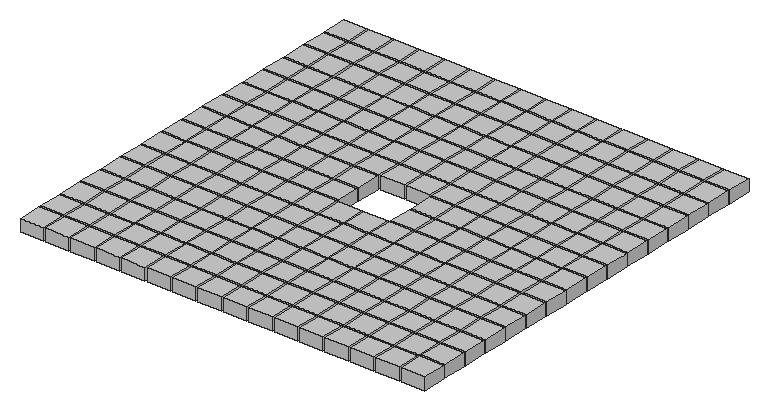
Revit family "Alcorque Ecológico", category Furniture, Revit 2020 (continued)
Dimensions and locks (m)
  equal spacing: plane 10425, plane 10426, plane 10427, plane 10428, plane 10429, plane 10430
  equal spacing: plane 10436, plane 10435, plane 10434, plane 10433, plane 10432, plane 10431
  equal spacing: plane 10437, plane 10438, plane 10439, plane 10440, plane 10441, plane 10442
  equal spacing: plane 10448, plane 10447, plane 10446, plane 10445, plane 10444, plane 10443
  equal spacing: plane 10449, plane 10450, plane 10451, plane 10452, plane 10453, plane 10454
  equal spacing: plane 10460, plane 10459, plane 10458, plane 10457, plane 10456, plane 10455
  equal spacing: plane 10461, plane 10462, plane 10463, plane 10464, plane 10465, plane 10466
  equal spacing: plane 10472, plane 10471, plane 10470, plane 10469, plane 10468, plane 10467
  equal spacing: plane 10473, plane 10474, plane 10475, plane 10476, plane 10477, plane 10478
  equal spacing: plane 10484, plane 10483, plane 10482, plane 10481, plane 10480, plane 10479
  equal spacing: plane 10485, plane 10486, plane 10487, plane 10488, plane 10489, plane 10490
  equal spacing: plane 10496, plane 10495, plane 10494, plane 10493, plane 10492, plane 10491
  equal spacing: plane 10497, plane 10498, plane 10499, plane 10500, plane 10501, plane 10502
  equal spacing: plane 10508, plane 10507, plane 10506, plane 10505, plane 10504, plane 10503
  equal spacing: plane 10509, plane 10510, plane 10511, plane 10512, plane 10513, plane 10514
  equal spacing: plane 10520, plane 10519, plane 10518, plane 10517, plane 10516, plane 10515
  equal spacing: plane 10521, plane 10522, plane 10523, plane 10524, plane 10525, plane 10526
  equal spacing: plane 10532, plane 10531, plane 10530, plane 10529, plane 10528, plane 10527
  equal spacing: plane 10533, plane 10534, plane 10535, plane 10536, plane 10537, plane 10538
  equal spacing: plane 10544, plane 10543, plane 10542, plane 10541, plane 10540, plane 10539
  equal spacing: plane 10545, plane 10546, plane 10547, plane 10548, plane 10549, plane 10550
  equal spacing: plane 10556, plane 10555, plane 10554, plane 10553, plane 10552, plane 10551
  equal spacing: plane 10557, plane 10558, plane 10559, plane 10560, plane 10561, plane 10562
  equal spacing: plane 10568, plane 10567, plane 10566, plane 10565, plane 10564, plane 10563
  equal spacing: plane 10569, plane 10570, plane 10571, plane 10572, plane 10573, plane 10574
  equal spacing: plane 10580, plane 10579, plane 10578, plane 10577, plane 10576, plane 10575
  equal spacing: plane 10581, plane 10582, plane 10583, plane 10584, plane 10585, plane 10586
  equal spacing: plane 10592, plane 10591, plane 10590, plane 10589, plane 10588, plane 10587
  equal spacing: plane 10593, plane 10594, plane 10595, plane 10596, plane 10597, plane 10598
  equal spacing: plane 10604, plane 10603, plane 10602, plane 10601, plane 10600, plane 10599
  equal spacing: plane 10605, plane 10606, plane 10607, plane 10608, plane 10609, plane 10610
  equal spacing: plane 10616, plane 10615, plane 10614, plane 10613, plane 10612, plane 10611
  equal spacing: plane 10617, plane 10618, plane 10619, plane 10620, plane 10621, plane 10622
  equal spacing: plane 10628, plane 10627, plane 10626, plane 10625, plane 10624, plane 10623
  equal spacing: plane 10629, plane 10630, plane 10631, plane 10632, plane 10633, plane 10634
  equal spacing: plane 10640, plane 10639, plane 10638, plane 10637, plane 10636, plane 10635
  equal spacing: plane 10641, plane 10642, plane 10643, plane 10644, plane 10645, plane 10646
  equal spacing: plane 10652, plane 10651, plane 10650, plane 10649, plane 10648, plane 10647
  equal spacing: plane 10653, plane 10654, plane 10655, plane 10656, plane 10657, plane 10658
  equal spacing: plane 10664, plane 10663, plane 10662, plane 10661, plane 10660, plane 10659
  equal spacing: plane 10665, plane 10666, plane 10667, plane 10668, plane 10669, plane 10670
  equal spacing: plane 10676, plane 10675, plane 10674, plane 10673, plane 10672, plane 10671
  equal spacing: plane 10677, plane 10678, plane 10679, plane 10680, plane 10681, plane 10682
  equal spacing: plane 10688, plane 10687, plane 10686, plane 10685, plane 10684, plane 10683
  equal spacing: plane 10689, plane 10690, plane 10691, plane 10692, plane 10693, plane 10694
  equal spacing: plane 10700, plane 10699, plane 10698, plane 10697, plane 10696, plane 10695
  equal spacing: plane 10701, plane 10702, plane 10703, plane 10704, plane 10705, plane 10706
  equal spacing: plane 10712, plane 10711, plane 10710, plane 10709, plane 10708, plane 10707
  equal spacing: plane 10713, plane 10714, plane 10715, plane 10716, plane 10717, plane 10718
  equal spacing: plane 10724, plane 10723, plane 10722, plane 10721, plane 10720, plane 10719
  equal spacing: plane 10725, plane 10726, plane 10727, plane 10728, plane 10729, plane 10730
  equal spacing: plane 10736, plane 10735, plane 10734, plane 10733, plane 10732, plane 10731
  equal spacing: plane 10737, plane 10738, plane 10739, plane 10740, plane 10741, plane 10742
  equal spacing: plane 10748, plane 10747, plane 10746, plane 10745, plane 10744, plane 10743
  equal spacing: plane 10749, plane 10750, plane 10751, plane 10752, plane 10753, plane 10754
  equal spacing: plane 10760, plane 10759, plane 10758, plane 10757, plane 10756, plane 10755
  equal spacing: plane 10761, plane 10762, plane 10763, plane 10764, plane 10765, plane 10766
  equal spacing: plane 10772, plane 10771, plane 10770, plane 10769, plane 10768, plane 10767
  equal spacing: plane 10773, plane 10774, plane 10775, plane 10776, plane 10777, plane 10778
  equal spacing: plane 10784, plane 10783, plane 10782, plane 10781, plane 10780, plane 10779
  equal spacing: plane 10785, plane 10786, plane 10787, plane 10788, plane 10789, plane 10790
  equal spacing: plane 10796, plane 10795, plane 10794, plane 10793, plane 10792, plane 10791
  equal spacing: plane 10797, plane 10798, plane 10799, plane 10800, plane 10801, plane 10802
  equal spacing: plane 10808, plane 10807, plane 10806, plane 10805, plane 10804, plane 10803
  equal spacing: plane 10809, plane 10810, plane 10811, plane 10812, plane 10813, plane 10814
  equal spacing: plane 10820, plane 10819, plane 10818, plane 10817, plane 10816, plane 10815
  equal spacing: plane 10821, plane 10822, plane 10823, plane 10824, plane 10825, plane 10826
  equal spacing: plane 10832, plane 10831, plane 10830, plane 10829, plane 10828, plane 10827
  aligned and locked: level to plane 2
  aligned and locked: plane 4 to Extrusion 1
Automatic sketch dimensions
  Extrusion 1 sketch curve to Extrusion 1 sketch curve = 0.115 m  (x2)
  plane 15 to Extrusion 2 sketch curve = 0.005 m
  Extrusion 2 sketch curve to plane 9 = 0.120 m
  Extrusion 2 sketch curve to plane 9 = 0.005 m
  plane 27 to Extrusion 3 sketch curve = 0.005 m
  Extrusion 3 sketch curve to plane 21 = 0.120 m
  Extrusion 3 sketch curve to plane 21 = 0.005 m
  plane 39 to Extrusion 4 sketch curve = 0.005 m
  Extrusion 5 sketch curve to plane 45 = 0.005 m
  plane 51 to Extrusion 5 sketch curve = 0.005 m
  plane 63 to Extrusion 6 sketch curve = 0.005 m
  Extrusion 6 sketch curve to plane 57 = 0.120 m
  Extrusion 6 sketch curve to plane 57 = 0.005 m
  plane 75 to Extrusion 7 sketch curve = 0.005 m
  Extrusion 7 sketch curve to plane 69 = 0.120 m
  Extrusion 7 sketch curve to plane 69 = 0.005 m
  plane 87 to Extrusion 8 sketch curve = 0.005 m
  Extrusion 9 sketch curve to plane 93 = 0.005 m
  plane 99 to Extrusion 9 sketch curve = 0.005 m
  Extrusion 9 sketch curve to Extrusion 9 sketch curve = 0.115 m  (x2)
  plane 111 to Extrusion 10 sketch curve = 0.005 m
  Extrusion 10 sketch curve to plane 105 = 0.120 m
  Extrusion 10 sketch curve to plane 105 = 0.005 m
  Extrusion 10 sketch curve to Extrusion 10 sketch curve = 0.115 m
  plane 123 to Extrusion 11 sketch curve = 0.005 m
  Extrusion 11 sketch curve to plane 117 = 0.120 m
  Extrusion 11 sketch curve to plane 117 = 0.005 m
  Extrusion 11 sketch curve to Extrusion 11 sketch curve = 0.115 m
  plane 135 to Extrusion 12 sketch curve = 0.005 m
  Extrusion 12 sketch curve to Extrusion 12 sketch curve = 0.115 m
  Extrusion 13 sketch curve to plane 141 = 0.005 m
  plane 147 to Extrusion 13 sketch curve = 0.005 m
  Extrusion 13 sketch curve to Extrusion 13 sketch curve = 0.115 m  (x2)
  plane 159 to Extrusion 14 sketch curve = 0.005 m
  Extrusion 14 sketch curve to plane 153 = 0.120 m
  Extrusion 14 sketch curve to plane 153 = 0.005 m
  Extrusion 14 sketch curve to Extrusion 14 sketch curve = 0.115 m
  plane 171 to Extrusion 15 sketch curve = 0.005 m
  Extrusion 15 sketch curve to plane 165 = 0.120 m
  Extrusion 15 sketch curve to plane 165 = 0.005 m
  Extrusion 15 sketch curve to Extrusion 15 sketch curve = 0.115 m
  plane 183 to Extrusion 16 sketch curve = 0.005 m
  Extrusion 16 sketch curve to Extrusion 16 sketch curve = 0.115 m
  Extrusion 17 sketch curve to plane 189 = 0.005 m
  plane 195 to Extrusion 17 sketch curve = 0.005 m
  Extrusion 17 sketch curve to Extrusion 17 sketch curve = 0.115 m  (x2)
  plane 207 to Extrusion 18 sketch curve = 0.005 m
  Extrusion 18 sketch curve to plane 201 = 0.120 m
  Extrusion 18 sketch curve to plane 201 = 0.005 m
  Extrusion 18 sketch curve to Extrusion 18 sketch curve = 0.115 m
  plane 219 to Extrusion 19 sketch curve = 0.005 m
  Extrusion 19 sketch curve to plane 213 = 0.120 m
  Extrusion 19 sketch curve to plane 213 = 0.005 m
  Extrusion 19 sketch curve to Extrusion 19 sketch curve = 0.115 m
  plane 231 to Extrusion 20 sketch curve = 0.005 m
  Extrusion 20 sketch curve to Extrusion 20 sketch curve = 0.115 m
  Extrusion 21 sketch curve to plane 237 = 0.005 m
  plane 243 to Extrusion 21 sketch curve = 0.005 m
  Extrusion 21 sketch curve to Extrusion 21 sketch curve = 0.115 m  (x2)
  plane 255 to Extrusion 22 sketch curve = 0.005 m
  Extrusion 22 sketch curve to plane 249 = 0.120 m
  Extrusion 22 sketch curve to plane 249 = 0.005 m
  Extrusion 22 sketch curve to Extrusion 22 sketch curve = 0.115 m
  plane 267 to Extrusion 23 sketch curve = 0.005 m
  Extrusion 23 sketch curve to plane 261 = 0.120 m
  Extrusion 23 sketch curve to plane 261 = 0.005 m
  Extrusion 23 sketch curve to Extrusion 23 sketch curve = 0.115 m
  plane 279 to Extrusion 24 sketch curve = 0.005 m
  Extrusion 24 sketch curve to Extrusion 24 sketch curve = 0.115 m
  Extrusion 25 sketch curve to plane 285 = 0.005 m
  Extrusion 25 sketch curve to Extrusion 25 sketch curve = 0.115 m  (x2)
  Extrusion 26 sketch curve to plane 297 = 0.120 m
  Extrusion 26 sketch curve to plane 297 = 0.005 m
  Extrusion 26 sketch curve to Extrusion 26 sketch curve = 0.115 m
  Extrusion 27 sketch curve to plane 309 = 0.120 m
  Extrusion 27 sketch curve to plane 309 = 0.005 m
  Extrusion 27 sketch curve to Extrusion 27 sketch curve = 0.115 m
  Extrusion 28 sketch curve to plane 321 = 0.120 m
  Extrusion 28 sketch curve to plane 321 = 0.005 m
  Extrusion 28 sketch curve to Extrusion 28 sketch curve = 0.115 m
  Extrusion 29 sketch curve to plane 333 = 0.120 m
  Extrusion 29 sketch curve to plane 333 = 0.005 m
  Extrusion 29 sketch curve to Extrusion 29 sketch curve = 0.115 m
  Extrusion 30 sketch curve to Extrusion 30 sketch curve = 0.115 m
  Extrusion 31 sketch curve to plane 357 = 0.005 m
  plane 363 to Extrusion 31 sketch curve = 0.005 m
  plane 375 to Extrusion 32 sketch curve = 0.005 m
  Extrusion 32 sketch curve to plane 369 = 0.120 m
  Extrusion 32 sketch curve to plane 369 = 0.005 m
  plane 387 to Extrusion 33 sketch curve = 0.005 m
  Extrusion 33 sketch curve to plane 381 = 0.120 m
  Extrusion 33 sketch curve to plane 381 = 0.005 m
  plane 399 to Extrusion 34 sketch curve = 0.005 m
  Extrusion 34 sketch curve to plane 393 = 0.120 m
  Extrusion 34 sketch curve to plane 393 = 0.005 m
  plane 411 to Extrusion 35 sketch curve = 0.005 m
  Extrusion 35 sketch curve to plane 405 = 0.120 m
  Extrusion 35 sketch curve to plane 405 = 0.005 m
  plane 423 to Extrusion 36 sketch curve = 0.005 m
  Extrusion 37 sketch curve to plane 429 = 0.005 m
  plane 435 to Extrusion 37 sketch curve = 0.005 m
  Extrusion 37 sketch curve to Extrusion 37 sketch curve = 0.115 m  (x2)
  plane 447 to Extrusion 38 sketch curve = 0.005 m
  Extrusion 38 sketch curve to plane 441 = 0.120 m
  Extrusion 38 sketch curve to plane 441 = 0.005 m
  Extrusion 38 sketch curve to Extrusion 38 sketch curve = 0.115 m
  plane 459 to Extrusion 39 sketch curve = 0.005 m
  Extrusion 39 sketch curve to plane 453 = 0.120 m
  Extrusion 39 sketch curve to plane 453 = 0.005 m
  Extrusion 39 sketch curve to Extrusion 39 sketch curve = 0.115 m
  plane 471 to Extrusion 40 sketch curve = 0.005 m
  Extrusion 40 sketch curve to Extrusion 40 sketch curve = 0.115 m
  Extrusion 41 sketch curve to plane 477 = 0.005 m
  plane 483 to Extrusion 41 sketch curve = 0.005 m
  Extrusion 41 sketch curve to Extrusion 41 sketch curve = 0.115 m  (x2)
  plane 495 to Extrusion 42 sketch curve = 0.005 m
  Extrusion 42 sketch curve to plane 489 = 0.120 m
  Extrusion 42 sketch curve to plane 489 = 0.005 m
  Extrusion 42 sketch curve to Extrusion 42 sketch curve = 0.115 m
  plane 507 to Extrusion 43 sketch curve = 0.005 m
  Extrusion 43 sketch curve to plane 501 = 0.120 m
  Extrusion 43 sketch curve to plane 501 = 0.005 m
  Extrusion 43 sketch curve to Extrusion 43 sketch curve = 0.115 m
  plane 519 to Extrusion 44 sketch curve = 0.005 m
  Extrusion 44 sketch curve to Extrusion 44 sketch curve = 0.115 m
  Extrusion 45 sketch curve to plane 525 = 0.005 m
  plane 531 to Extrusion 45 sketch curve = 0.005 m
  Extrusion 45 sketch curve to Extrusion 45 sketch curve = 0.115 m  (x2)
  plane 543 to Extrusion 46 sketch curve = 0.005 m
  Extrusion 46 sketch curve to plane 537 = 0.120 m
  Extrusion 46 sketch curve to plane 537 = 0.005 m
  Extrusion 46 sketch curve to Extrusion 46 sketch curve = 0.115 m
  plane 555 to Extrusion 47 sketch curve = 0.005 m
  Extrusion 47 sketch curve to plane 549 = 0.120 m
  Extrusion 47 sketch curve to plane 549 = 0.005 m
  Extrusion 47 sketch curve to Extrusion 47 sketch curve = 0.115 m
  plane 567 to Extrusion 48 sketch curve = 0.005 m
  Extrusion 48 sketch curve to Extrusion 48 sketch curve = 0.115 m
  Extrusion 49 sketch curve to plane 573 = 0.005 m
  plane 579 to Extrusion 49 sketch curve = 0.005 m
  Extrusion 49 sketch curve to Extrusion 49 sketch curve = 0.115 m  (x2)
  plane 591 to Extrusion 50 sketch curve = 0.005 m
  Extrusion 50 sketch curve to plane 585 = 0.120 m
  Extrusion 50 sketch curve to plane 585 = 0.005 m
  Extrusion 50 sketch curve to Extrusion 50 sketch curve = 0.115 m
  plane 603 to Extrusion 51 sketch curve = 0.005 m
  Extrusion 51 sketch curve to plane 597 = 0.120 m
  Extrusion 51 sketch curve to plane 597 = 0.005 m
  Extrusion 51 sketch curve to Extrusion 51 sketch curve = 0.115 m
  plane 615 to Extrusion 52 sketch curve = 0.005 m
  Extrusion 52 sketch curve to Extrusion 52 sketch curve = 0.115 m
  Extrusion 53 sketch curve to plane 621 = 0.005 m
  Extrusion 53 sketch curve to Extrusion 53 sketch curve = 0.115 m  (x2)
  Extrusion 54 sketch curve to plane 633 = 0.120 m
  Extrusion 54 sketch curve to plane 633 = 0.005 m
  Extrusion 54 sketch curve to Extrusion 54 sketch curve = 0.115 m
  Extrusion 55 sketch curve to plane 645 = 0.120 m
  Extrusion 55 sketch curve to plane 645 = 0.005 m
  Extrusion 55 sketch curve to Extrusion 55 sketch curve = 0.115 m
  Extrusion 56 sketch curve to Extrusion 56 sketch curve = 0.115 m
  Extrusion 57 sketch curve to plane 669 = 0.005 m
  Extrusion 57 sketch curve to Extrusion 57 sketch curve = 0.115 m  (x2)
  Extrusion 58 sketch curve to plane 681 = 0.120 m
  Extrusion 58 sketch curve to plane 681 = 0.005 m
  Extrusion 58 sketch curve to Extrusion 58 sketch curve = 0.115 m
  Extrusion 59 sketch curve to plane 693 = 0.120 m
  Extrusion 59 sketch curve to plane 693 = 0.005 m
  Extrusion 59 sketch curve to Extrusion 59 sketch curve = 0.115 m
  Extrusion 60 sketch curve to Extrusion 60 sketch curve = 0.115 m
  plane 723 to Extrusion 61 sketch curve = 0.005 m
  Extrusion 61 sketch curve to plane 717 = 0.120 m
  Extrusion 61 sketch curve to plane 717 = 0.005 m
  plane 735 to Extrusion 62 sketch curve = 0.005 m
  Extrusion 62 sketch curve to plane 729 = 0.120 m
  Extrusion 62 sketch curve to plane 729 = 0.005 m
  plane 747 to Extrusion 63 sketch curve = 0.005 m
  Extrusion 63 sketch curve to plane 741 = 0.120 m
  Extrusion 63 sketch curve to plane 741 = 0.005 m
  plane 759 to Extrusion 64 sketch curve = 0.005 m
  Extrusion 64 sketch curve to plane 753 = 0.120 m
  Extrusion 64 sketch curve to plane 753 = 0.005 m
  plane 771 to Extrusion 65 sketch curve = 0.005 m
  Extrusion 65 sketch curve to plane 765 = 0.120 m
  Extrusion 65 sketch curve to plane 765 = 0.005 m
  plane 783 to Extrusion 66 sketch curve = 0.005 m
  Extrusion 66 sketch curve to plane 777 = 0.120 m
  Extrusion 66 sketch curve to plane 777 = 0.005 m
  plane 795 to Extrusion 67 sketch curve = 0.005 m
  Extrusion 67 sketch curve to plane 789 = 0.120 m
  Extrusion 67 sketch curve to plane 789 = 0.005 m
  plane 807 to Extrusion 68 sketch curve = 0.005 m
  Extrusion 68 sketch curve to plane 801 = 0.120 m
  Extrusion 68 sketch curve to plane 801 = 0.005 m
  plane 819 to Extrusion 69 sketch curve = 0.005 m
  Extrusion 69 sketch curve to plane 813 = 0.120 m
  Extrusion 69 sketch curve to plane 813 = 0.005 m
  Extrusion 69 sketch curve to Extrusion 69 sketch curve = 0.115 m
  plane 831 to Extrusion 70 sketch curve = 0.005 m
  Extrusion 70 sketch curve to plane 825 = 0.120 m
  Extrusion 70 sketch curve to plane 825 = 0.005 m
  Extrusion 70 sketch curve to Extrusion 70 sketch curve = 0.115 m
  plane 843 to Extrusion 71 sketch curve = 0.005 m
  Extrusion 71 sketch curve to plane 837 = 0.120 m
  Extrusion 71 sketch curve to plane 837 = 0.005 m
  Extrusion 71 sketch curve to Extrusion 71 sketch curve = 0.115 m
  plane 855 to Extrusion 72 sketch curve = 0.005 m
  Extrusion 72 sketch curve to plane 849 = 0.120 m
  Extrusion 72 sketch curve to plane 849 = 0.005 m
  Extrusion 72 sketch curve to Extrusion 72 sketch curve = 0.115 m
  plane 867 to Extrusion 73 sketch curve = 0.005 m
  Extrusion 73 sketch curve to plane 861 = 0.120 m
  Extrusion 73 sketch curve to plane 861 = 0.005 m
  Extrusion 73 sketch curve to Extrusion 73 sketch curve = 0.115 m
  plane 879 to Extrusion 74 sketch curve = 0.005 m
  Extrusion 74 sketch curve to plane 873 = 0.120 m
  Extrusion 74 sketch curve to plane 873 = 0.005 m
  Extrusion 74 sketch curve to Extrusion 74 sketch curve = 0.115 m
  plane 891 to Extrusion 75 sketch curve = 0.005 m
  Extrusion 75 sketch curve to plane 885 = 0.120 m
  Extrusion 75 sketch curve to plane 885 = 0.005 m
  Extrusion 75 sketch curve to Extrusion 75 sketch curve = 0.115 m
  plane 903 to Extrusion 76 sketch curve = 0.005 m
  Extrusion 76 sketch curve to plane 897 = 0.120 m
  Extrusion 76 sketch curve to plane 897 = 0.005 m
  Extrusion 76 sketch curve to Extrusion 76 sketch curve = 0.115 m
  plane 915 to Extrusion 77 sketch curve = 0.005 m
  Extrusion 77 sketch curve to plane 909 = 0.120 m
  Extrusion 77 sketch curve to plane 909 = 0.005 m
  Extrusion 77 sketch curve to Extrusion 77 sketch curve = 0.115 m
  plane 927 to Extrusion 78 sketch curve = 0.005 m
  Extrusion 78 sketch curve to plane 921 = 0.120 m
  Extrusion 78 sketch curve to plane 921 = 0.005 m
  Extrusion 78 sketch curve to Extrusion 78 sketch curve = 0.115 m
  plane 939 to Extrusion 79 sketch curve = 0.005 m
  Extrusion 79 sketch curve to plane 933 = 0.120 m
  Extrusion 79 sketch curve to plane 933 = 0.005 m
  Extrusion 79 sketch curve to Extrusion 79 sketch curve = 0.115 m
  plane 951 to Extrusion 80 sketch curve = 0.005 m
  Extrusion 80 sketch curve to plane 945 = 0.120 m
  Extrusion 80 sketch curve to plane 945 = 0.005 m
  Extrusion 80 sketch curve to Extrusion 80 sketch curve = 0.115 m
  plane 963 to Extrusion 81 sketch curve = 0.005 m
  Extrusion 81 sketch curve to plane 957 = 0.120 m
  Extrusion 81 sketch curve to plane 957 = 0.005 m
  Extrusion 81 sketch curve to Extrusion 81 sketch curve = 0.115 m
  plane 975 to Extrusion 82 sketch curve = 0.005 m
  Extrusion 82 sketch curve to plane 969 = 0.120 m
  Extrusion 82 sketch curve to plane 969 = 0.005 m
  Extrusion 82 sketch curve to Extrusion 82 sketch curve = 0.115 m
  plane 987 to Extrusion 83 sketch curve = 0.005 m
  Extrusion 83 sketch curve to plane 981 = 0.120 m
  Extrusion 83 sketch curve to plane 981 = 0.005 m
  Extrusion 83 sketch curve to Extrusion 83 sketch curve = 0.115 m
  plane 999 to Extrusion 84 sketch curve = 0.005 m
  Extrusion 84 sketch curve to plane 993 = 0.120 m
  Extrusion 84 sketch curve to plane 993 = 0.005 m
  Extrusion 84 sketch curve to Extrusion 84 sketch curve = 0.115 m
  Extrusion 85 sketch curve to plane 1005 = 0.120 m
  Extrusion 85 sketch curve to plane 1005 = 0.005 m
  Extrusion 85 sketch curve to Extrusion 85 sketch curve = 0.115 m
  Extrusion 86 sketch curve to plane 1017 = 0.120 m
  Extrusion 86 sketch curve to plane 1017 = 0.005 m
  Extrusion 86 sketch curve to Extrusion 86 sketch curve = 0.115 m
  Extrusion 87 sketch curve to plane 1029 = 0.120 m
  Extrusion 87 sketch curve to plane 1029 = 0.005 m
  Extrusion 87 sketch curve to Extrusion 87 sketch curve = 0.115 m
  Extrusion 88 sketch curve to plane 1041 = 0.120 m
  Extrusion 88 sketch curve to plane 1041 = 0.005 m
  Extrusion 88 sketch curve to Extrusion 88 sketch curve = 0.115 m
  Extrusion 89 sketch curve to plane 1053 = 0.120 m
  Extrusion 89 sketch curve to plane 1053 = 0.005 m
  Extrusion 89 sketch curve to Extrusion 89 sketch curve = 0.115 m
  Extrusion 90 sketch curve to plane 1065 = 0.120 m
  Extrusion 90 sketch curve to plane 1065 = 0.005 m
  Extrusion 90 sketch curve to Extrusion 90 sketch curve = 0.115 m
  plane 1083 to Extrusion 91 sketch curve = 0.005 m
  Extrusion 91 sketch curve to plane 1077 = 0.120 m
  Extrusion 91 sketch curve to plane 1077 = 0.005 m
  plane 1095 to Extrusion 92 sketch curve = 0.005 m
  Extrusion 92 sketch curve to plane 1089 = 0.120 m
  Extrusion 92 sketch curve to plane 1089 = 0.005 m
  plane 1107 to Extrusion 93 sketch curve = 0.005 m
  Extrusion 93 sketch curve to plane 1101 = 0.120 m
  Extrusion 93 sketch curve to plane 1101 = 0.005 m
  plane 1119 to Extrusion 94 sketch curve = 0.005 m
  Extrusion 94 sketch curve to plane 1113 = 0.120 m
  Extrusion 94 sketch curve to plane 1113 = 0.005 m
  plane 1131 to Extrusion 95 sketch curve = 0.005 m
  Extrusion 95 sketch curve to plane 1125 = 0.120 m
  Extrusion 95 sketch curve to plane 1125 = 0.005 m
  plane 1143 to Extrusion 96 sketch curve = 0.005 m
  Extrusion 96 sketch curve to plane 1137 = 0.120 m
  Extrusion 96 sketch curve to plane 1137 = 0.005 m
  plane 1155 to Extrusion 97 sketch curve = 0.005 m
  Extrusion 97 sketch curve to plane 1149 = 0.120 m
  Extrusion 97 sketch curve to plane 1149 = 0.005 m
  Extrusion 97 sketch curve to Extrusion 97 sketch curve = 0.115 m
  plane 1167 to Extrusion 98 sketch curve = 0.005 m
  Extrusion 98 sketch curve to plane 1161 = 0.120 m
  Extrusion 98 sketch curve to plane 1161 = 0.005 m
  Extrusion 98 sketch curve to Extrusion 98 sketch curve = 0.115 m
  plane 1179 to Extrusion 99 sketch curve = 0.005 m
  Extrusion 99 sketch curve to plane 1173 = 0.120 m
  Extrusion 99 sketch curve to plane 1173 = 0.005 m
  Extrusion 99 sketch curve to Extrusion 99 sketch curve = 0.115 m
  plane 1191 to Extrusion 100 sketch curve = 0.005 m
  Extrusion 100 sketch curve to plane 1185 = 0.120 m
  Extrusion 100 sketch curve to plane 1185 = 0.005 m
  Extrusion 100 sketch curve to Extrusion 100 sketch curve = 0.115 m
  plane 1203 to Extrusion 101 sketch curve = 0.005 m
  Extrusion 101 sketch curve to plane 1197 = 0.120 m
  Extrusion 101 sketch curve to plane 1197 = 0.005 m
  Extrusion 101 sketch curve to Extrusion 101 sketch curve = 0.115 m
  plane 1215 to Extrusion 102 sketch curve = 0.005 m
  Extrusion 102 sketch curve to plane 1209 = 0.120 m
  Extrusion 102 sketch curve to plane 1209 = 0.005 m
  Extrusion 102 sketch curve to Extrusion 102 sketch curve = 0.115 m
  plane 1227 to Extrusion 103 sketch curve = 0.005 m
  Extrusion 103 sketch curve to plane 1221 = 0.120 m
  Extrusion 103 sketch curve to plane 1221 = 0.005 m
  Extrusion 103 sketch curve to Extrusion 103 sketch curve = 0.115 m
  plane 1239 to Extrusion 104 sketch curve = 0.005 m
  Extrusion 104 sketch curve to plane 1233 = 0.120 m
  Extrusion 104 sketch curve to plane 1233 = 0.005 m
  Extrusion 104 sketch curve to Extrusion 104 sketch curve = 0.115 m
  plane 1251 to Extrusion 105 sketch curve = 0.005 m
  Extrusion 105 sketch curve to plane 1245 = 0.120 m
  Extrusion 105 sketch curve to plane 1245 = 0.005 m
  Extrusion 105 sketch curve to Extrusion 105 sketch curve = 0.115 m
  plane 1263 to Extrusion 106 sketch curve = 0.005 m
  Extrusion 106 sketch curve to plane 1257 = 0.120 m
  Extrusion 106 sketch curve to plane 1257 = 0.005 m
  Extrusion 106 sketch curve to Extrusion 106 sketch curve = 0.115 m
  plane 1275 to Extrusion 107 sketch curve = 0.005 m
  Extrusion 107 sketch curve to plane 1269 = 0.120 m
  Extrusion 107 sketch curve to plane 1269 = 0.005 m
  Extrusion 107 sketch curve to Extrusion 107 sketch curve = 0.115 m
  plane 1287 to Extrusion 108 sketch curve = 0.005 m
  Extrusion 108 sketch curve to plane 1281 = 0.120 m
  Extrusion 108 sketch curve to plane 1281 = 0.005 m
  Extrusion 108 sketch curve to Extrusion 108 sketch curve = 0.115 m
  Extrusion 109 sketch curve to plane 1293 = 0.120 m
  Extrusion 109 sketch curve to plane 1293 = 0.005 m
  Extrusion 109 sketch curve to Extrusion 109 sketch curve = 0.115 m
  Extrusion 110 sketch curve to plane 1305 = 0.120 m
  Extrusion 110 sketch curve to plane 1305 = 0.005 m
  Extrusion 110 sketch curve to Extrusion 110 sketch curve = 0.115 m
  Extrusion 111 sketch curve to plane 1317 = 0.120 m
  Extrusion 111 sketch curve to plane 1317 = 0.005 m
  Extrusion 111 sketch curve to Extrusion 111 sketch curve = 0.115 m
  Extrusion 112 sketch curve to plane 1329 = 0.120 m
  Extrusion 112 sketch curve to plane 1329 = 0.005 m
  Extrusion 112 sketch curve to Extrusion 112 sketch curve = 0.115 m
  Extrusion 113 sketch curve to plane 1341 = 0.120 m
  Extrusion 113 sketch curve to plane 1341 = 0.005 m
  Extrusion 113 sketch curve to Extrusion 113 sketch curve = 0.115 m
  Extrusion 114 sketch curve to plane 1353 = 0.120 m
  Extrusion 114 sketch curve to plane 1353 = 0.005 m
  Extrusion 114 sketch curve to Extrusion 114 sketch curve = 0.115 m
  Extrusion 115 sketch curve to plane 1365 = 0.120 m
  Extrusion 115 sketch curve to plane 1365 = 0.005 m
  Extrusion 115 sketch curve to Extrusion 115 sketch curve = 0.115 m
  Extrusion 116 sketch curve to plane 1377 = 0.120 m
  Extrusion 116 sketch curve to plane 1377 = 0.005 m
  Extrusion 116 sketch curve to Extrusion 116 sketch curve = 0.115 m
  plane 1395 to Extrusion 117 sketch curve = 0.005 m
  Extrusion 117 sketch curve to plane 1389 = 0.120 m
  Extrusion 117 sketch curve to plane 1389 = 0.005 m
  plane 1407 to Extrusion 118 sketch curve = 0.005 m
  Extrusion 118 sketch curve to plane 1401 = 0.120 m
  Extrusion 118 sketch curve to plane 1401 = 0.005 m
  plane 1419 to Extrusion 119 sketch curve = 0.005 m
  Extrusion 119 sketch curve to plane 1413 = 0.120 m
  Extrusion 119 sketch curve to plane 1413 = 0.005 m
  plane 1431 to Extrusion 120 sketch curve = 0.005 m
  Extrusion 120 sketch curve to plane 1425 = 0.120 m
  Extrusion 120 sketch curve to plane 1425 = 0.005 m
  plane 1443 to Extrusion 121 sketch curve = 0.005 m
  Extrusion 121 sketch curve to plane 1437 = 0.120 m
  Extrusion 121 sketch curve to plane 1437 = 0.005 m
  Extrusion 121 sketch curve to Extrusion 121 sketch curve = 0.115 m
  plane 1455 to Extrusion 122 sketch curve = 0.005 m
  Extrusion 122 sketch curve to plane 1449 = 0.120 m
  Extrusion 122 sketch curve to plane 1449 = 0.005 m
  Extrusion 122 sketch curve to Extrusion 122 sketch curve = 0.115 m
  plane 1467 to Extrusion 123 sketch curve = 0.005 m
  Extrusion 123 sketch curve to plane 1461 = 0.120 m
  Extrusion 123 sketch curve to plane 1461 = 0.005 m
  Extrusion 123 sketch curve to Extrusion 123 sketch curve = 0.115 m
  plane 1479 to Extrusion 124 sketch curve = 0.005 m
  Extrusion 124 sketch curve to plane 1473 = 0.120 m
  Extrusion 124 sketch curve to plane 1473 = 0.005 m
  Extrusion 124 sketch curve to Extrusion 124 sketch curve = 0.115 m
  plane 1491 to Extrusion 125 sketch curve = 0.005 m
  Extrusion 125 sketch curve to plane 1485 = 0.120 m
  Extrusion 125 sketch curve to plane 1485 = 0.005 m
  Extrusion 125 sketch curve to Extrusion 125 sketch curve = 0.115 m
  plane 1503 to Extrusion 126 sketch curve = 0.005 m
  Extrusion 126 sketch curve to plane 1497 = 0.120 m
  Extrusion 126 sketch curve to plane 1497 = 0.005 m
  Extrusion 126 sketch curve to Extrusion 126 sketch curve = 0.115 m
  plane 1515 to Extrusion 127 sketch curve = 0.005 m
  Extrusion 127 sketch curve to plane 1509 = 0.120 m
  Extrusion 127 sketch curve to plane 1509 = 0.005 m
  Extrusion 127 sketch curve to Extrusion 127 sketch curve = 0.115 m
  plane 1527 to Extrusion 128 sketch curve = 0.005 m
  Extrusion 128 sketch curve to plane 1521 = 0.120 m
  Extrusion 128 sketch curve to plane 1521 = 0.005 m
  Extrusion 128 sketch curve to Extrusion 128 sketch curve = 0.115 m
  Extrusion 129 sketch curve to plane 1533 = 0.120 m
  Extrusion 129 sketch curve to plane 1533 = 0.005 m
  Extrusion 129 sketch curve to Extrusion 129 sketch curve = 0.115 m
  Extrusion 130 sketch curve to plane 1545 = 0.120 m
  Extrusion 130 sketch curve to plane 1545 = 0.005 m
  Extrusion 130 sketch curve to Extrusion 130 sketch curve = 0.115 m
  Extrusion 131 sketch curve to plane 1557 = 0.120 m
  Extrusion 131 sketch curve to plane 1557 = 0.005 m
  Extrusion 131 sketch curve to Extrusion 131 sketch curve = 0.115 m
  plane 1575 to Extrusion 132 sketch curve = 0.005 m
  Extrusion 132 sketch curve to plane 1569 = 0.120 m
  Extrusion 132 sketch curve to plane 1569 = 0.005 m
  plane 1587 to Extrusion 133 sketch curve = 0.005 m
  Extrusion 133 sketch curve to plane 1581 = 0.120 m
  Extrusion 133 sketch curve to plane 1581 = 0.005 m
  plane 1599 to Extrusion 134 sketch curve = 0.005 m
  Extrusion 134 sketch curve to plane 1593 = 0.120 m
  Extrusion 134 sketch curve to plane 1593 = 0.005 m
  plane 1611 to Extrusion 135 sketch curve = 0.005 m
  Extrusion 135 sketch curve to plane 1605 = 0.120 m
  Extrusion 135 sketch curve to plane 1605 = 0.005 m
  Extrusion 135 sketch curve to Extrusion 135 sketch curve = 0.115 m
  plane 1623 to Extrusion 136 sketch curve = 0.005 m
  Extrusion 136 sketch curve to plane 1617 = 0.120 m
  Extrusion 136 sketch curve to plane 1617 = 0.005 m
  Extrusion 136 sketch curve to Extrusion 136 sketch curve = 0.115 m
  plane 1635 to Extrusion 137 sketch curve = 0.005 m
  Extrusion 137 sketch curve to plane 1629 = 0.120 m
  Extrusion 137 sketch curve to plane 1629 = 0.005 m
  Extrusion 137 sketch curve to Extrusion 137 sketch curve = 0.115 m
  plane 1647 to Extrusion 138 sketch curve = 0.005 m
  Extrusion 138 sketch curve to plane 1641 = 0.120 m
  Extrusion 138 sketch curve to plane 1641 = 0.005 m
  Extrusion 138 sketch curve to Extrusion 138 sketch curve = 0.115 m
  plane 1659 to Extrusion 139 sketch curve = 0.005 m
  Extrusion 139 sketch curve to plane 1653 = 0.120 m
  Extrusion 139 sketch curve to plane 1653 = 0.005 m
  Extrusion 139 sketch curve to Extrusion 139 sketch curve = 0.115 m
  plane 1671 to Extrusion 140 sketch curve = 0.005 m
  Extrusion 140 sketch curve to plane 1665 = 0.120 m
  Extrusion 140 sketch curve to plane 1665 = 0.005 m
  Extrusion 140 sketch curve to Extrusion 140 sketch curve = 0.115 m
  plane 1683 to Extrusion 141 sketch curve = 0.005 m
  Extrusion 141 sketch curve to plane 1677 = 0.120 m
  Extrusion 141 sketch curve to plane 1677 = 0.005 m
  Extrusion 141 sketch curve to Extrusion 141 sketch curve = 0.115 m
  plane 1695 to Extrusion 142 sketch curve = 0.005 m
  Extrusion 142 sketch curve to plane 1689 = 0.120 m
  Extrusion 142 sketch curve to plane 1689 = 0.005 m
  Extrusion 142 sketch curve to Extrusion 142 sketch curve = 0.115 m
  Extrusion 143 sketch curve to plane 1701 = 0.120 m
  Extrusion 143 sketch curve to plane 1701 = 0.005 m
  Extrusion 143 sketch curve to Extrusion 143 sketch curve = 0.115 m
  Extrusion 144 sketch curve to plane 1713 = 0.120 m
  Extrusion 144 sketch curve to plane 1713 = 0.005 m
  Extrusion 144 sketch curve to Extrusion 144 sketch curve = 0.115 m
  Extrusion 145 sketch curve to plane 1725 = 0.120 m
  Extrusion 145 sketch curve to plane 1725 = 0.005 m
  Extrusion 145 sketch curve to Extrusion 145 sketch curve = 0.115 m
  Extrusion 146 sketch curve to plane 1737 = 0.120 m
  Extrusion 146 sketch curve to plane 1737 = 0.005 m
  Extrusion 146 sketch curve to Extrusion 146 sketch curve = 0.115 m
  Extrusion 147 sketch curve to plane 1749 = 0.120 m
  Extrusion 147 sketch curve to plane 1749 = 0.005 m
  Extrusion 147 sketch curve to Extrusion 147 sketch curve = 0.115 m
  Extrusion 148 sketch curve to plane 1761 = 0.120 m
  Extrusion 148 sketch curve to plane 1761 = 0.005 m
  Extrusion 148 sketch curve to Extrusion 148 sketch curve = 0.115 m
  plane 1779 to Extrusion 149 sketch curve = 0.005 m
  Extrusion 149 sketch curve to plane 1773 = 0.120 m
  Extrusion 149 sketch curve to plane 1773 = 0.005 m
  plane 1791 to Extrusion 150 sketch curve = 0.005 m
  Extrusion 150 sketch curve to plane 1785 = 0.120 m
  Extrusion 150 sketch curve to plane 1785 = 0.005 m
  Extrusion 151 sketch curve to plane 1797 = 0.120 m
  Extrusion 151 sketch curve to plane 1797 = 0.005 m
  Extrusion 151 sketch curve to Extrusion 151 sketch curve = 0.115 m
  plane 1815 to Extrusion 152 sketch curve = 0.005 m
  Extrusion 152 sketch curve to plane 1809 = 0.120 m
  Extrusion 152 sketch curve to plane 1809 = 0.005 m
  plane 1827 to Extrusion 153 sketch curve = 0.005 m
  Extrusion 153 sketch curve to plane 1821 = 0.120 m
  Extrusion 153 sketch curve to plane 1821 = 0.005 m
  plane 1839 to Extrusion 154 sketch curve = 0.005 m
  Extrusion 154 sketch curve to plane 1833 = 0.120 m
  Extrusion 154 sketch curve to plane 1833 = 0.005 m
  plane 1851 to Extrusion 155 sketch curve = 0.005 m
  Extrusion 155 sketch curve to plane 1845 = 0.120 m
  Extrusion 155 sketch curve to plane 1845 = 0.005 m
  plane 1863 to Extrusion 156 sketch curve = 0.005 m
  Extrusion 156 sketch curve to plane 1857 = 0.120 m
  Extrusion 156 sketch curve to plane 1857 = 0.005 m
  plane 1875 to Extrusion 157 sketch curve = 0.005 m
  Extrusion 157 sketch curve to plane 1869 = 0.120 m
  Extrusion 157 sketch curve to plane 1869 = 0.005 m
  plane 1887 to Extrusion 158 sketch curve = 0.005 m
  Extrusion 158 sketch curve to plane 1881 = 0.120 m
  Extrusion 158 sketch curve to plane 1881 = 0.005 m
  plane 1899 to Extrusion 159 sketch curve = 0.005 m
  Extrusion 159 sketch curve to plane 1893 = 0.120 m
  Extrusion 159 sketch curve to plane 1893 = 0.005 m
  Extrusion 159 sketch curve to Extrusion 159 sketch curve = 0.115 m
  plane 1911 to Extrusion 160 sketch curve = 0.005 m
  Extrusion 160 sketch curve to plane 1905 = 0.120 m
  Extrusion 160 sketch curve to plane 1905 = 0.005 m
  Extrusion 160 sketch curve to Extrusion 160 sketch curve = 0.115 m
  plane 1923 to Extrusion 161 sketch curve = 0.005 m
  Extrusion 161 sketch curve to plane 1917 = 0.120 m
  Extrusion 161 sketch curve to plane 1917 = 0.005 m
  Extrusion 161 sketch curve to Extrusion 161 sketch curve = 0.115 m
  plane 1935 to Extrusion 162 sketch curve = 0.005 m
  Extrusion 162 sketch curve to plane 1929 = 0.120 m
  Extrusion 162 sketch curve to plane 1929 = 0.005 m
  Extrusion 162 sketch curve to Extrusion 162 sketch curve = 0.115 m
  plane 1947 to Extrusion 163 sketch curve = 0.005 m
  Extrusion 163 sketch curve to plane 1941 = 0.120 m
  Extrusion 163 sketch curve to plane 1941 = 0.005 m
  Extrusion 163 sketch curve to Extrusion 163 sketch curve = 0.115 m
  plane 1959 to Extrusion 164 sketch curve = 0.005 m
  Extrusion 164 sketch curve to plane 1953 = 0.120 m
  Extrusion 164 sketch curve to plane 1953 = 0.005 m
  Extrusion 164 sketch curve to Extrusion 164 sketch curve = 0.115 m
  plane 1971 to Extrusion 165 sketch curve = 0.005 m
  Extrusion 165 sketch curve to plane 1965 = 0.120 m
  Extrusion 165 sketch curve to plane 1965 = 0.005 m
  Extrusion 165 sketch curve to Extrusion 165 sketch curve = 0.115 m
  plane 1983 to Extrusion 166 sketch curve = 0.005 m
  Extrusion 166 sketch curve to plane 1977 = 0.120 m
  Extrusion 166 sketch curve to plane 1977 = 0.005 m
  Extrusion 166 sketch curve to Extrusion 166 sketch curve = 0.115 m
  plane 1995 to Extrusion 167 sketch curve = 0.005 m
  Extrusion 167 sketch curve to plane 1989 = 0.120 m
  Extrusion 167 sketch curve to plane 1989 = 0.005 m
  Extrusion 167 sketch curve to Extrusion 167 sketch curve = 0.115 m
  plane 2007 to Extrusion 168 sketch curve = 0.005 m
  Extrusion 168 sketch curve to plane 2001 = 0.120 m
  Extrusion 168 sketch curve to plane 2001 = 0.005 m
  Extrusion 168 sketch curve to Extrusion 168 sketch curve = 0.115 m
  plane 2019 to Extrusion 169 sketch curve = 0.005 m
  Extrusion 169 sketch curve to plane 2013 = 0.120 m
  Extrusion 169 sketch curve to plane 2013 = 0.005 m
  Extrusion 169 sketch curve to Extrusion 169 sketch curve = 0.115 m
  plane 2031 to Extrusion 170 sketch curve = 0.005 m
  Extrusion 170 sketch curve to plane 2025 = 0.120 m
  Extrusion 170 sketch curve to plane 2025 = 0.005 m
  Extrusion 170 sketch curve to Extrusion 170 sketch curve = 0.115 m
  plane 2043 to Extrusion 171 sketch curve = 0.005 m
  Extrusion 171 sketch curve to plane 2037 = 0.120 m
  Extrusion 171 sketch curve to plane 2037 = 0.005 m
  Extrusion 171 sketch curve to Extrusion 171 sketch curve = 0.115 m
  plane 2055 to Extrusion 172 sketch curve = 0.005 m
  Extrusion 172 sketch curve to plane 2049 = 0.120 m
  Extrusion 172 sketch curve to plane 2049 = 0.005 m
  Extrusion 172 sketch curve to Extrusion 172 sketch curve = 0.115 m
  plane 2067 to Extrusion 173 sketch curve = 0.005 m
  Extrusion 173 sketch curve to plane 2061 = 0.120 m
  Extrusion 173 sketch curve to plane 2061 = 0.005 m
  Extrusion 173 sketch curve to Extrusion 173 sketch curve = 0.115 m
  plane 2079 to Extrusion 174 sketch curve = 0.005 m
  Extrusion 174 sketch curve to plane 2073 = 0.120 m
  Extrusion 174 sketch curve to plane 2073 = 0.005 m
  Extrusion 174 sketch curve to Extrusion 174 sketch curve = 0.115 m
  plane 2091 to Extrusion 175 sketch curve = 0.005 m
  Extrusion 175 sketch curve to plane 2085 = 0.120 m
  Extrusion 175 sketch curve to plane 2085 = 0.005 m
  Extrusion 175 sketch curve to Extrusion 175 sketch curve = 0.115 m
  plane 2103 to Extrusion 176 sketch curve = 0.005 m
  Extrusion 176 sketch curve to plane 2097 = 0.120 m
  Extrusion 176 sketch curve to plane 2097 = 0.005 m
  Extrusion 176 sketch curve to Extrusion 176 sketch curve = 0.115 m
  plane 2115 to Extrusion 177 sketch curve = 0.005 m
  Extrusion 177 sketch curve to plane 2109 = 0.120 m
  Extrusion 177 sketch curve to plane 2109 = 0.005 m
  Extrusion 177 sketch curve to Extrusion 177 sketch curve = 0.115 m
  plane 2127 to Extrusion 178 sketch curve = 0.005 m
  Extrusion 178 sketch curve to plane 2121 = 0.120 m
  Extrusion 178 sketch curve to plane 2121 = 0.005 m
  Extrusion 178 sketch curve to Extrusion 178 sketch curve = 0.115 m
  plane 2139 to Extrusion 179 sketch curve = 0.005 m
  Extrusion 179 sketch curve to plane 2133 = 0.120 m
  Extrusion 179 sketch curve to plane 2133 = 0.005 m
  Extrusion 179 sketch curve to Extrusion 179 sketch curve = 0.115 m
  plane 2151 to Extrusion 180 sketch curve = 0.005 m
  Extrusion 180 sketch curve to plane 2145 = 0.120 m
  Extrusion 180 sketch curve to plane 2145 = 0.005 m
  Extrusion 180 sketch curve to Extrusion 180 sketch curve = 0.115 m
  plane 2163 to Extrusion 181 sketch curve = 0.005 m
  Extrusion 181 sketch curve to plane 2157 = 0.120 m
  Extrusion 181 sketch curve to plane 2157 = 0.005 m
  Extrusion 181 sketch curve to Extrusion 181 sketch curve = 0.115 m
  plane 2175 to Extrusion 182 sketch curve = 0.005 m
  Extrusion 182 sketch curve to plane 2169 = 0.120 m
  Extrusion 182 sketch curve to plane 2169 = 0.005 m
  Extrusion 182 sketch curve to Extrusion 182 sketch curve = 0.115 m
  plane 2187 to Extrusion 183 sketch curve = 0.005 m
  Extrusion 183 sketch curve to plane 2181 = 0.120 m
  Extrusion 183 sketch curve to plane 2181 = 0.005 m
  plane 2199 to Extrusion 184 sketch curve = 0.005 m
  Extrusion 184 sketch curve to plane 2193 = 0.120 m
  Extrusion 184 sketch curve to plane 2193 = 0.005 m
  plane 2211 to Extrusion 185 sketch curve = 0.005 m
  Extrusion 185 sketch curve to plane 2205 = 0.120 m
  Extrusion 185 sketch curve to plane 2205 = 0.005 m
  plane 2223 to Extrusion 186 sketch curve = 0.005 m
  Extrusion 186 sketch curve to plane 2217 = 0.120 m
  Extrusion 186 sketch curve to plane 2217 = 0.005 m
  Extrusion 186 sketch curve to Extrusion 186 sketch curve = 0.115 m
  plane 2235 to Extrusion 187 sketch curve = 0.005 m
  Extrusion 187 sketch curve to plane 2229 = 0.120 m
  Extrusion 187 sketch curve to plane 2229 = 0.005 m
  Extrusion 187 sketch curve to Extrusion 187 sketch curve = 0.115 m
  plane 2247 to Extrusion 188 sketch curve = 0.005 m
  Extrusion 188 sketch curve to plane 2241 = 0.120 m
  Extrusion 188 sketch curve to plane 2241 = 0.005 m
  Extrusion 188 sketch curve to Extrusion 188 sketch curve = 0.115 m
  plane 2259 to Extrusion 189 sketch curve = 0.005 m
  Extrusion 189 sketch curve to plane 2253 = 0.120 m
  Extrusion 189 sketch curve to plane 2253 = 0.005 m
  Extrusion 189 sketch curve to Extrusion 189 sketch curve = 0.115 m
  plane 2271 to Extrusion 190 sketch curve = 0.005 m
  Extrusion 190 sketch curve to plane 2265 = 0.120 m
  Extrusion 190 sketch curve to plane 2265 = 0.005 m
  Extrusion 190 sketch curve to Extrusion 190 sketch curve = 0.115 m
  plane 2283 to Extrusion 191 sketch curve = 0.005 m
  Extrusion 191 sketch curve to plane 2277 = 0.120 m
  Extrusion 191 sketch curve to plane 2277 = 0.005 m
  Extrusion 191 sketch curve to Extrusion 191 sketch curve = 0.115 m
  plane 2295 to Extrusion 192 sketch curve = 0.005 m
  Extrusion 192 sketch curve to plane 2289 = 0.120 m
  Extrusion 192 sketch curve to plane 2289 = 0.005 m
  Extrusion 192 sketch curve to Extrusion 192 sketch curve = 0.115 m
  plane 2307 to Extrusion 193 sketch curve = 0.005 m
  Extrusion 193 sketch curve to plane 2301 = 0.120 m
  Extrusion 193 sketch curve to plane 2301 = 0.005 m
  Extrusion 193 sketch curve to Extrusion 193 sketch curve = 0.115 m
  plane 2319 to Extrusion 194 sketch curve = 0.005 m
  Extrusion 194 sketch curve to plane 2313 = 0.120 m
  Extrusion 194 sketch curve to plane 2313 = 0.005 m
  Extrusion 194 sketch curve to Extrusion 194 sketch curve = 0.115 m
  plane 2331 to Extrusion 195 sketch curve = 0.005 m
  Extrusion 195 sketch curve to plane 2325 = 0.120 m
  Extrusion 195 sketch curve to plane 2325 = 0.005 m
  Extrusion 195 sketch curve to Extrusion 195 sketch curve = 0.115 m
  plane 2343 to Extrusion 196 sketch curve = 0.005 m
  Extrusion 196 sketch curve to plane 2337 = 0.120 m
  Extrusion 196 sketch curve to plane 2337 = 0.005 m
  Extrusion 196 sketch curve to Extrusion 196 sketch curve = 0.115 m
  plane 2355 to Extrusion 197 sketch curve = 0.005 m
  Extrusion 197 sketch curve to plane 2349 = 0.120 m
  Extrusion 197 sketch curve to plane 2349 = 0.005 m
  Extrusion 197 sketch curve to Extrusion 197 sketch curve = 0.115 m
  plane 2367 to Extrusion 198 sketch curve = 0.005 m
  Extrusion 198 sketch curve to plane 2361 = 0.120 m
  Extrusion 198 sketch curve to plane 2361 = 0.005 m
  plane 2379 to Extrusion 199 sketch curve = 0.005 m
  Extrusion 199 sketch curve to plane 2373 = 0.120 m
  Extrusion 199 sketch curve to plane 2373 = 0.005 m
  plane 2391 to Extrusion 200 sketch curve = 0.005 m
  Extrusion 200 sketch curve to plane 2385 = 0.120 m
  Extrusion 200 sketch curve to plane 2385 = 0.005 m
  plane 2403 to Extrusion 201 sketch curve = 0.005 m
  Extrusion 201 sketch curve to plane 2397 = 0.120 m
  Extrusion 201 sketch curve to plane 2397 = 0.005 m
  plane 2415 to Extrusion 202 sketch curve = 0.005 m
  Extrusion 202 sketch curve to plane 2409 = 0.120 m
  Extrusion 202 sketch curve to plane 2409 = 0.005 m
  plane 2427 to Extrusion 203 sketch curve = 0.005 m
  Extrusion 203 sketch curve to plane 2421 = 0.120 m
  Extrusion 203 sketch curve to plane 2421 = 0.005 m
  plane 2439 to Extrusion 204 sketch curve = 0.005 m
  Extrusion 204 sketch curve to plane 2433 = 0.120 m
  Extrusion 204 sketch curve to plane 2433 = 0.005 m
  plane 2451 to Extrusion 205 sketch curve = 0.005 m
  Extrusion 205 sketch curve to plane 2445 = 0.120 m
  Extrusion 205 sketch curve to plane 2445 = 0.005 m
  plane 2463 to Extrusion 206 sketch curve = 0.005 m
  Extrusion 206 sketch curve to plane 2457 = 0.120 m
  Extrusion 206 sketch curve to plane 2457 = 0.005 m
  plane 2475 to Extrusion 207 sketch curve = 0.005 m
  Extrusion 207 sketch curve to plane 2469 = 0.120 m
  Extrusion 207 sketch curve to plane 2469 = 0.005 m
  plane 2487 to Extrusion 208 sketch curve = 0.005 m
  Extrusion 208 sketch curve to plane 2481 = 0.120 m
  Extrusion 208 sketch curve to plane 2481 = 0.005 m
  plane 2499 to Extrusion 209 sketch curve = 0.005 m
  Extrusion 209 sketch curve to plane 2493 = 0.120 m
  Extrusion 209 sketch curve to plane 2493 = 0.005 m
  Extrusion 209 sketch curve to Extrusion 209 sketch curve = 0.115 m
  plane 2511 to Extrusion 210 sketch curve = 0.005 m
  Extrusion 210 sketch curve to plane 2505 = 0.120 m
  Extrusion 210 sketch curve to plane 2505 = 0.005 m
  Extrusion 210 sketch curve to Extrusion 210 sketch curve = 0.115 m
  plane 2523 to Extrusion 211 sketch curve = 0.005 m
  Extrusion 211 sketch curve to plane 2517 = 0.120 m
  Extrusion 211 sketch curve to plane 2517 = 0.005 m
  Extrusion 211 sketch curve to Extrusion 211 sketch curve = 0.115 m
  plane 2535 to Extrusion 212 sketch curve = 0.005 m
  Extrusion 212 sketch curve to plane 2529 = 0.120 m
  Extrusion 212 sketch curve to plane 2529 = 0.005 m
  Extrusion 212 sketch curve to Extrusion 212 sketch curve = 0.115 m
  plane 2547 to Extrusion 213 sketch curve = 0.005 m
  Extrusion 213 sketch curve to plane 2541 = 0.120 m
  Extrusion 213 sketch curve to plane 2541 = 0.005 m
  Extrusion 213 sketch curve to Extrusion 213 sketch curve = 0.115 m
  plane 2559 to Extrusion 214 sketch curve = 0.005 m
  Extrusion 214 sketch curve to plane 2553 = 0.120 m
  Extrusion 214 sketch curve to plane 2553 = 0.005 m
  Extrusion 214 sketch curve to Extrusion 214 sketch curve = 0.115 m
  plane 2571 to Extrusion 215 sketch curve = 0.005 m
  Extrusion 215 sketch curve to plane 2565 = 0.120 m
  Extrusion 215 sketch curve to plane 2565 = 0.005 m
  Extrusion 215 sketch curve to Extrusion 215 sketch curve = 0.115 m
  plane 2583 to Extrusion 216 sketch curve = 0.005 m
  Extrusion 216 sketch curve to plane 2577 = 0.120 m
  Extrusion 216 sketch curve to plane 2577 = 0.005 m
  Extrusion 216 sketch curve to Extrusion 216 sketch curve = 0.115 m
  plane 2595 to Extrusion 217 sketch curve = 0.005 m
  Extrusion 217 sketch curve to plane 2589 = 0.120 m
  Extrusion 217 sketch curve to plane 2589 = 0.005 m
  Extrusion 217 sketch curve to Extrusion 217 sketch curve = 0.115 m
  plane 2607 to Extrusion 218 sketch curve = 0.005 m
  Extrusion 218 sketch curve to plane 2601 = 0.120 m
  Extrusion 218 sketch curve to plane 2601 = 0.005 m
  Extrusion 218 sketch curve to Extrusion 218 sketch curve = 0.115 m
  plane 2619 to Extrusion 219 sketch curve = 0.005 m
  Extrusion 219 sketch curve to plane 2613 = 0.120 m
  Extrusion 219 sketch curve to plane 2613 = 0.005 m
  Extrusion 219 sketch curve to Extrusion 219 sketch curve = 0.115 m
  plane 2631 to Extrusion 220 sketch curve = 0.005 m
  Extrusion 220 sketch curve to plane 2625 = 0.120 m
  Extrusion 220 sketch curve to plane 2625 = 0.005 m
  Extrusion 220 sketch curve to Extrusion 220 sketch curve = 0.115 m
  plane 2643 to Extrusion 221 sketch curve = 0.005 m
  Extrusion 221 sketch curve to plane 2637 = 0.120 m
  Extrusion 221 sketch curve to plane 2637 = 0.005 m
  Extrusion 221 sketch curve to Extrusion 221 sketch curve = 0.115 m
  plane 2655 to Extrusion 222 sketch curve = 0.005 m
  Extrusion 222 sketch curve to plane 2649 = 0.120 m
  Extrusion 222 sketch curve to plane 2649 = 0.005 m
  Extrusion 222 sketch curve to Extrusion 222 sketch curve = 0.115 m
  plane 2667 to Extrusion 223 sketch curve = 0.005 m
  Extrusion 223 sketch curve to plane 2661 = 0.120 m
  Extrusion 223 sketch curve to plane 2661 = 0.005 m
  Extrusion 223 sketch curve to Extrusion 223 sketch curve = 0.115 m
  plane 2679 to Extrusion 224 sketch curve = 0.005 m
  Extrusion 224 sketch curve to plane 2673 = 0.120 m
  Extrusion 224 sketch curve to plane 2673 = 0.005 m
  Extrusion 224 sketch curve to Extrusion 224 sketch curve = 0.115 m
  Extrusion 225 sketch curve to plane 2685 = 0.120 m
  Extrusion 225 sketch curve to plane 2685 = 0.005 m
  Extrusion 225 sketch curve to Extrusion 225 sketch curve = 0.115 m
  Extrusion 226 sketch curve to plane 2697 = 0.120 m
  Extrusion 226 sketch curve to plane 2697 = 0.005 m
  Extrusion 226 sketch curve to Extrusion 226 sketch curve = 0.115 m
  Extrusion 227 sketch curve to plane 2709 = 0.120 m
  Extrusion 227 sketch curve to plane 2709 = 0.005 m
  Extrusion 227 sketch curve to Extrusion 227 sketch curve = 0.115 m
  Extrusion 228 sketch curve to plane 2721 = 0.120 m
  Extrusion 228 sketch curve to plane 2721 = 0.005 m
  Extrusion 228 sketch curve to Extrusion 228 sketch curve = 0.115 m
  Extrusion 229 sketch curve to plane 2733 = 0.120 m
  Extrusion 229 sketch curve to plane 2733 = 0.005 m
  Extrusion 229 sketch curve to Extrusion 229 sketch curve = 0.115 m
  Extrusion 230 sketch curve to plane 2745 = 0.120 m
  Extrusion 230 sketch curve to plane 2745 = 0.005 m
  Extrusion 230 sketch curve to Extrusion 230 sketch curve = 0.115 m
  plane 2763 to Extrusion 231 sketch curve = 0.005 m
  Extrusion 231 sketch curve to plane 2757 = 0.120 m
  Extrusion 231 sketch curve to plane 2757 = 0.005 m
  plane 2775 to Extrusion 232 sketch curve = 0.005 m
  Extrusion 232 sketch curve to plane 2769 = 0.120 m
  Extrusion 232 sketch curve to plane 2769 = 0.005 m
  plane 2787 to Extrusion 233 sketch curve = 0.005 m
  Extrusion 233 sketch curve to plane 2781 = 0.120 m
  Extrusion 233 sketch curve to plane 2781 = 0.005 m
  plane 2799 to Extrusion 234 sketch curve = 0.005 m
  Extrusion 234 sketch curve to plane 2793 = 0.120 m
  Extrusion 234 sketch curve to plane 2793 = 0.005 m
  plane 2811 to Extrusion 235 sketch curve = 0.005 m
  Extrusion 235 sketch curve to plane 2805 = 0.120 m
  Extrusion 235 sketch curve to plane 2805 = 0.005 m
  plane 2823 to Extrusion 236 sketch curve = 0.005 m
  Extrusion 236 sketch curve to plane 2817 = 0.120 m
  Extrusion 236 sketch curve to plane 2817 = 0.005 m
  plane 2835 to Extrusion 237 sketch curve = 0.005 m
  Extrusion 237 sketch curve to plane 2829 = 0.120 m
  Extrusion 237 sketch curve to plane 2829 = 0.005 m
  Extrusion 237 sketch curve to Extrusion 237 sketch curve = 0.115 m
  plane 2847 to Extrusion 238 sketch curve = 0.005 m
  Extrusion 238 sketch curve to plane 2841 = 0.120 m
  Extrusion 238 sketch curve to plane 2841 = 0.005 m
  Extrusion 238 sketch curve to Extrusion 238 sketch curve = 0.115 m
  plane 2859 to Extrusion 239 sketch curve = 0.005 m
  Extrusion 239 sketch curve to plane 2853 = 0.120 m
  Extrusion 239 sketch curve to plane 2853 = 0.005 m
  Extrusion 239 sketch curve to Extrusion 239 sketch curve = 0.115 m
  plane 2871 to Extrusion 240 sketch curve = 0.005 m
  Extrusion 240 sketch curve to plane 2865 = 0.120 m
  Extrusion 240 sketch curve to plane 2865 = 0.005 m
  Extrusion 240 sketch curve to Extrusion 240 sketch curve = 0.115 m
  plane 2883 to Extrusion 241 sketch curve = 0.005 m
  Extrusion 241 sketch curve to plane 2877 = 0.120 m
  Extrusion 241 sketch curve to plane 2877 = 0.005 m
  Extrusion 241 sketch curve to Extrusion 241 sketch curve = 0.115 m
  plane 2895 to Extrusion 242 sketch curve = 0.005 m
  Extrusion 242 sketch curve to plane 2889 = 0.120 m
  Extrusion 242 sketch curve to plane 2889 = 0.005 m
  Extrusion 242 sketch curve to Extrusion 242 sketch curve = 0.115 m
  plane 2907 to Extrusion 243 sketch curve = 0.005 m
  Extrusion 243 sketch curve to plane 2901 = 0.120 m
  Extrusion 243 sketch curve to plane 2901 = 0.005 m
  Extrusion 243 sketch curve to Extrusion 243 sketch curve = 0.115 m
  plane 2919 to Extrusion 244 sketch curve = 0.005 m
  Extrusion 244 sketch curve to plane 2913 = 0.120 m
  Extrusion 244 sketch curve to plane 2913 = 0.005 m
  Extrusion 244 sketch curve to Extrusion 244 sketch curve = 0.115 m
  plane 2931 to Extrusion 245 sketch curve = 0.005 m
  Extrusion 245 sketch curve to plane 2925 = 0.120 m
  Extrusion 245 sketch curve to plane 2925 = 0.005 m
  Extrusion 245 sketch curve to Extrusion 245 sketch curve = 0.115 m
  plane 2943 to Extrusion 246 sketch curve = 0.005 m
  Extrusion 246 sketch curve to plane 2937 = 0.120 m
  Extrusion 246 sketch curve to plane 2937 = 0.005 m
  Extrusion 246 sketch curve to Extrusion 246 sketch curve = 0.115 m
  plane 2955 to Extrusion 247 sketch curve = 0.005 m
  Extrusion 247 sketch curve to plane 2949 = 0.120 m
  Extrusion 247 sketch curve to plane 2949 = 0.005 m
  Extrusion 247 sketch curve to Extrusion 247 sketch curve = 0.115 m
  plane 2967 to Extrusion 248 sketch curve = 0.005 m
  Extrusion 248 sketch curve to plane 2961 = 0.120 m
  Extrusion 248 sketch curve to plane 2961 = 0.005 m
  Extrusion 248 sketch curve to Extrusion 248 sketch curve = 0.115 m
  Extrusion 249 sketch curve to plane 2973 = 0.120 m
  Extrusion 249 sketch curve to plane 2973 = 0.005 m
  Extrusion 249 sketch curve to Extrusion 249 sketch curve = 0.115 m
  Extrusion 250 sketch curve to plane 2985 = 0.120 m
  Extrusion 250 sketch curve to plane 2985 = 0.005 m
  Extrusion 250 sketch curve to Extrusion 250 sketch curve = 0.115 m
  Extrusion 251 sketch curve to plane 2997 = 0.120 m
  Extrusion 251 sketch curve to plane 2997 = 0.005 m
  Extrusion 251 sketch curve to Extrusion 251 sketch curve = 0.115 m
  Extrusion 252 sketch curve to plane 3009 = 0.120 m
  Extrusion 252 sketch curve to plane 3009 = 0.005 m
  Extrusion 252 sketch curve to Extrusion 252 sketch curve = 0.115 m
  Extrusion 253 sketch curve to plane 3021 = 0.120 m
  Extrusion 253 sketch curve to plane 3021 = 0.005 m
  Extrusion 253 sketch curve to Extrusion 253 sketch curve = 0.115 m
  Extrusion 254 sketch curve to plane 3033 = 0.120 m
  Extrusion 254 sketch curve to plane 3033 = 0.005 m
  Extrusion 254 sketch curve to Extrusion 254 sketch curve = 0.115 m
  Extrusion 255 sketch curve to plane 3045 = 0.120 m
  Extrusion 255 sketch curve to plane 3045 = 0.005 m
  Extrusion 255 sketch curve to Extrusion 255 sketch curve = 0.115 m
  plane 3063 to Extrusion 256 sketch curve = 0.005 m
  Extrusion 256 sketch curve to plane 3057 = 0.120 m
  Extrusion 256 sketch curve to plane 3057 = 0.005 m
  plane 3075 to Extrusion 257 sketch curve = 0.005 m
  Extrusion 257 sketch curve to plane 3069 = 0.120 m
  Extrusion 257 sketch curve to plane 3069 = 0.005 m
  plane 3087 to Extrusion 258 sketch curve = 0.005 m
  Extrusion 258 sketch curve to plane 3081 = 0.120 m
  Extrusion 258 sketch curve to plane 3081 = 0.005 m
  plane 3099 to Extrusion 259 sketch curve = 0.005 m
  Extrusion 259 sketch curve to plane 3093 = 0.120 m
  Extrusion 259 sketch curve to plane 3093 = 0.005 m
  plane 3111 to Extrusion 260 sketch curve = 0.005 m
  Extrusion 260 sketch curve to plane 3105 = 0.120 m
  Extrusion 260 sketch curve to plane 3105 = 0.005 m
  Extrusion 260 sketch curve to Extrusion 260 sketch curve = 0.115 m
  plane 3123 to Extrusion 261 sketch curve = 0.005 m
  Extrusion 261 sketch curve to plane 3117 = 0.120 m
  Extrusion 261 sketch curve to plane 3117 = 0.005 m
  Extrusion 261 sketch curve to Extrusion 261 sketch curve = 0.115 m
  plane 3135 to Extrusion 262 sketch curve = 0.005 m
  Extrusion 262 sketch curve to plane 3129 = 0.120 m
  Extrusion 262 sketch curve to plane 3129 = 0.005 m
  Extrusion 262 sketch curve to Extrusion 262 sketch curve = 0.115 m
  plane 3147 to Extrusion 263 sketch curve = 0.005 m
  Extrusion 263 sketch curve to plane 3141 = 0.120 m
  Extrusion 263 sketch curve to plane 3141 = 0.005 m
  Extrusion 263 sketch curve to Extrusion 263 sketch curve = 0.115 m
  plane 3159 to Extrusion 264 sketch curve = 0.005 m
  Extrusion 264 sketch curve to plane 3153 = 0.120 m
  Extrusion 264 sketch curve to plane 3153 = 0.005 m
  Extrusion 264 sketch curve to Extrusion 264 sketch curve = 0.115 m
  plane 3171 to Extrusion 265 sketch curve = 0.005 m
  Extrusion 265 sketch curve to plane 3165 = 0.120 m
  Extrusion 265 sketch curve to plane 3165 = 0.005 m
  Extrusion 265 sketch curve to Extrusion 265 sketch curve = 0.115 m
  plane 3183 to Extrusion 266 sketch curve = 0.005 m
  Extrusion 266 sketch curve to plane 3177 = 0.120 m
  Extrusion 266 sketch curve to plane 3177 = 0.005 m
  Extrusion 266 sketch curve to Extrusion 266 sketch curve = 0.115 m
  plane 3195 to Extrusion 267 sketch curve = 0.005 m
  Extrusion 267 sketch curve to plane 3189 = 0.120 m
  Extrusion 267 sketch curve to plane 3189 = 0.005 m
  Extrusion 267 sketch curve to Extrusion 267 sketch curve = 0.115 m
